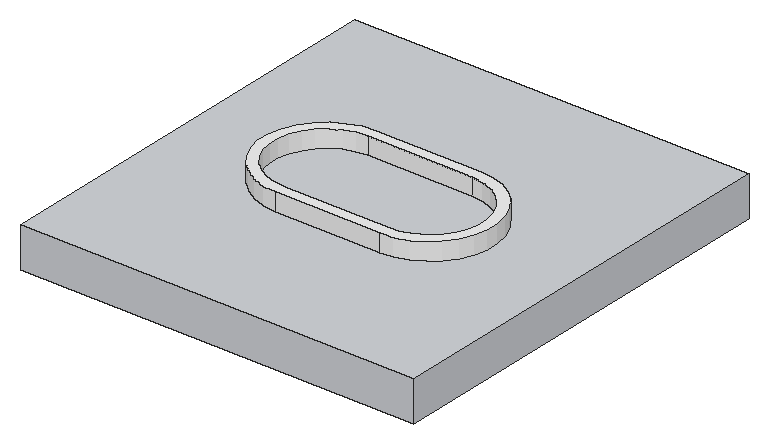
Revit family
Parameters (values of type "300 X 75")
  r [instance] = 75 mm
  d [instance] = 25 mm
  b [instance] = 15 mm
  보강재 재료 [instance] = 금속 - 스틸 - 345 MPa
  L1 [instance] = L - 2 * r  # 150 mm
  L [instance] = 300 mm
  Default Elevation = 7000 mm
  w [instance] = r * 2  # 150 mm
Types (3, lengths in mm): name | r | L1 | L | w
  (no name) | 75 | 150 | 300 | 150
  300 X 75 | 75 | 150 | 300 | 150
  600 X 125 | 125 | 350 | 600 | 250
Reference planes
  plane 1 "중심(앞/뒤)": y = 0.001
  plane 2: z = 0
  plane 3 "중심(왼쪽/오른쪽)": x = 0.012
  plane 4: y = -74.999
  plane 5: x = -149.988
  plane 6: x = 150.012
  plane 7: x = -74.988
  plane 8: x = 75.012
  plane 9: y = 0.001
  plane 10: y = -74.999
  plane 11: y = -149.999
Forms (mm)
  Extrusion 1, solid
    sketch origin (0, 0, 0) x (1, 0, 0) y (0, 1, 0)
      loop
        line (-279.388, 233.284) -> (-279.388, -367.815) -> (285.053, -367.815) -> (285.053, 233.284) -> (-279.388, 233.284)
    from 0 to -57.496
  Sweep 2, solid, material "금속 - 스틸 - 345 MPa" <- "보강재 재료", detail levels medium+fine
    path origin (39.898, 61.752, 0) x (1, 0, 0) y (0, 1, 0)
      loop
        arc (-114.886, -61.752) -> (-189.886, -136.752) -> (-114.886, -211.752) r 75
        line (-114.886, -211.752) -> (35.114, -211.752)
        arc (35.114, -211.752) -> (110.114, -136.752) -> (35.114, -61.752) r 75
        line (35.114, -61.752) -> (-114.886, -61.752)
    profile origin (0.012, 0.001, 0) x (0, 1, 0) y (0, 0, 1)
      loop
        line (0, 25) -> (0, 0) -> (15, 0) -> (15, 25) -> (0, 25)
Dimensions and locks
  "L": plane 5 to plane 6
  equal spacing: plane 5, plane 3 "중심(왼쪽/오른쪽)", plane 6
  "b": Sweep 2 sketch curve to Sweep 2 sketch curve
  "d": Sweep 2 sketch curve to Sweep 2 sketch curve
  equal spacing: plane 7, plane 3 "중심(왼쪽/오른쪽)", plane 8
  "L1": plane 7 to plane 8
  "r": plane 9 to plane 10
  "w": plane 11 to plane 9
  "r": radius of Sweep 2 sketch curve  (x2)
  aligned and locked: plane 2 to Extrusion 1
  aligned and locked: level to Extrusion 1
  aligned and locked: plane 4 to Sweep 2 sketch curve  (x2)
  aligned and locked: plane 7 to Sweep 2 sketch curve  (x2)
  aligned and locked: plane 8 to Sweep 2 sketch curve  (x2)
  aligned and locked: plane 9 to plane 1 "중심(앞/뒤)"
  aligned and locked: plane 4 to plane 10
Automatic sketch dimensions
  Sweep 2 sketch curve to level = 0 mm
  Sweep 2 sketch curve to profile plane = 0 mm
  Extrusion 1 sketch curve to Extrusion 1 sketch curve = 564.44 mm
  Extrusion 1 sketch curve to Extrusion 1 sketch curve = 601.099 mm
